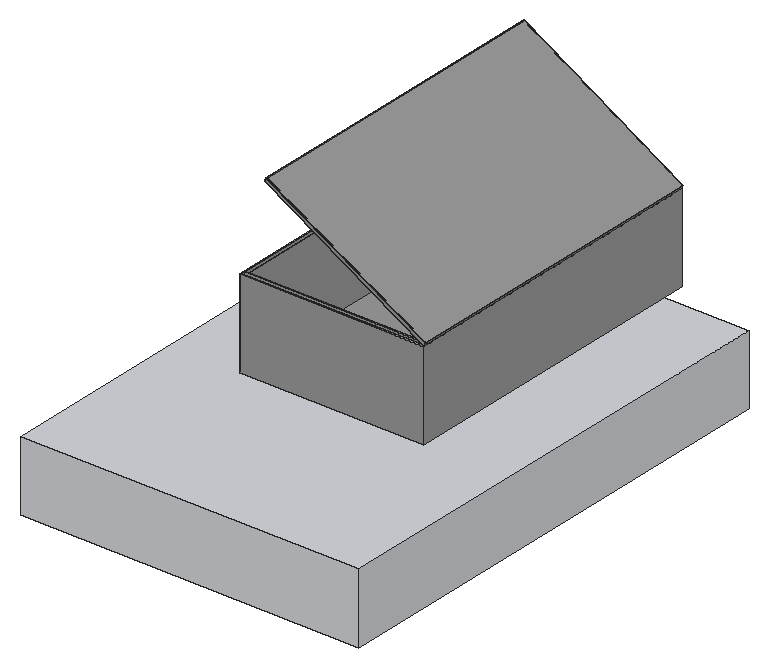
Revit family "Hager-Univers-IP55-D400-H1400-Cl.I-Steel_encl-PT-pt", category Equipement électrique, Revit 2020
Family settings
  Hôte = Face
  Configuration du panneau = Deux colonnes, circuits au sein
  Cote de connecteur circulaire = Utiliser le diamètre
  Type d'élément = Tableau de raccordement
  Couper avec des vides une fois chargée = Non
  Partagée = Non
  Point de calcul de pièce = Non
Parameters (values of type "Montagem em superfície (gesso) IP55 L800 A1400 P400  - FR93G")
  Width Control [instance] = if([EF000008 - Largura] > Min Width, [EF000008 - Largura], Min Width)  # 800 mm
  Commentaires du type = [HG000003 - Gama]  # "Univers"
  Thickness Door [instance] = if([EF009171 - Espessura do material da porta/tampa] > 3 mm, 3 mm, [EF009171 - Espessura do material da porta/tampa])  # 1.5 mm
  Seal Frame Offset [instance] = 17 mm  # constant formula
  Plinth Visibility [instance] = [HG000027 - Altura da Plinta] > 0 mm  # no
  Model = ""
  Min Width [instance] = 100 mm  # constant formula
  Min Height [instance] = 100 mm  # constant formula
  Min Depth [instance] = (2 * [EF009170 - Espessura do material do invólucro]) + 1 mm  # 4 mm
  Internal Frame Depth [instance] = (Door System Depth * 0.5)  # 9 mm
  Height Control [instance] = if([EF000040 - Altura] > Min Height, [EF000040 - Altura], Min Height)  # 1400 mm
  HG000027 - Altura da Plinta = 0 mm
  HG000026 - Instalação no chão = no
  HG000024 - Altura da secção inferior = 800 mm
  HG000023 - Recinto de secção dupla = no
  HG000016 - Visibilidade da porta 3D [instance] = yes
  HG000015 - Visibilidade através da porta [instance] = no
  HG000014 - Porta à direita [instance] = yes
  HG000013 - Porta à esquerda [instance] = not([HG000014 - Porta à direita])  # no
  HG000012 - Ângulo de abertura de porta [instance] = 30.00°
  HG000010 - Portas assimétricas = no
  HG000009 - Porta dupla = no
  HG000006 - Encastrado = no
  HG000004 - Referência do Fabricante = "FR93G"
  HG000003 - Gama = "Univers"
  HG000002 - Com porta ou tampa = yes
  Frame Offset Bottom [instance] = 10 mm  # constant formula
  Frame Offset [instance] = 15 mm  # constant formula
  EF015940 - Tampa com libertação de sobrepressão = no
  EF011959 - Grau de proteção (NEMA) = ""
  EF009554 - Número de aberturas para placas de flange = 6
  Fabricant = "Hager"  # constant formula
  EF009212 - Tipo de tampa = "EV000116 - Fechado"
  EF009171 - Espessura do material da porta/tampa = 1.5 mm
  EF009170 - Espessura do material do invólucro = 1.5 mm
  EF008873 - Corrente nominal (In) = 800 A
  EF007800 - Adequado para proteção contra raios = no
  EF006306 - Com fecho = no
  EF006244 - Tampa/porta transparente = no
  EF005474 - Grau de proteção (IP) = "EV006420 - IP55"
  EF004464 - Tipo de porta = "EV002646 - Único"
  EF004427 - Número de módulos = 324
  EF004293 - Força de impacto = "EV008784 - IK10"
  EF003532 - Adequado para uso no exterior = no
  EF002950 - Largura em número de módulos = 24
  EF001613 - Integridade do circuito = "EV000494 - Nenhum"
  EF001596 - Material do corpo = "EV000179 - Aço"
  EF001131 - Profundidade interior = 400 mm
  EF001088 - Extensão possível = yes
  EF000437 - Número de entradas de condutores = 6
  EF000339 - Tipo de difusor = "EV004216 - Porta"
  EF000266 - Número de linhas = 9
  EF000218 - Profundidade incorporada = 0 mm
  EF000118 - Com tampa de montagem = no
  EF000116 - Número RAL = "7035"
  EF000049 - Profundidade = 400 mm
  EF000040 - Altura = 1400 mm
  EF000008 - Largura = 800 mm
  EF000007 - Cor = "EV000270 - Cinzento"
  EF000003 - Método de montagem = "EV000384 - Montagem em superfície (gesso)"
  Door System Leaf Tolerance [instance] = 1.5 mm  # constant formula
  Door System Depth [instance] = 18 mm  # constant formula
  Door Height [instance] = Height Control - [HG000027 - Altura da Plinta]  # 1400 mm
  Depth Control [instance] = if([EF000049 - Profundidade] > Min Depth, [EF000049 - Profundidade], Min Depth)  # 400 mm
  Default Elevation = 0 mm
  Connector Offset [instance] = Height Control / 2  # 700 mm
  Bottom Top Plate Trim [instance] = 1.5 mm  # constant formula
  Plinth height Ctrl [instance] = if([HG000027 - Altura da Plinta] > 0 mm, [HG000027 - Altura da Plinta], 12 mm)  # 12 mm
Types (3, lengths in mm): name | Width Control | HG000009 - Porta dupla | HG000004 - Referência do Fabricante | EF009554 - Número de aberturas para placas de flange | EF004464 - Tipo de porta | EF004427 - Número de módulos | EF000437 - Número de entradas de condutores | EF000008 - Largura
  Montagem em superfície (gesso) IP55 L1050 A1400 P400  - FR94G | 1050 | yes | "FR94G" | 8 | "EV003602 - Duplo" | 432 | 8 | 1050
  Montagem em superfície (gesso) IP55 L550 A1400 P400  - FR92G | 550 | no | "FR92G" | 4 | "EV002646 - Único" | 216 | 4 | 550
  Montagem em superfície (gesso) IP55 L800 A1400 P400  - FR93G | 800 | no | "FR93G" | 6 | "EV002646 - Único" | 324 | 6 | 800
Reference planes
  plane 1 "Center (Front/Back)": y = 0
  plane 2: z = 0
  plane 3 "Center (Left/Right)": x = 0
  plane 4: z = 400
  plane 5: y = 1.5
  plane 6: y = 700
  plane 7: y = 0
  plane 8: y = 1400
  plane 9: z = 0
  plane 10: x = -385
  plane 11: x = 385
  plane 12: x = 383.5
  plane 13: x = -383.5
  plane 14: y = 1398.5
  plane 15: x = -383
  plane 16: x = -400
  plane 17: x = 383
  plane 18: x = 400
  plane 19: x = 398.5
  plane 20: x = -398.5
  plane 21: y = 11.5
  plane 22: y = 1400
  plane 23: y = 1383.5
  plane 24: z = 382
  plane 25: z = 1.5
  plane 26: z = 380.5
  plane 27: z = 398.5
Forms (mm)
  Extrusion 1, solid
    sketch origin (0, 0, 0) x (1, 0, 0) y (0, 1, 0)
      loop
        line (-702.964, 1305) -> (-702.964, -811.445) -> (766.763, -811.445) -> (766.763, 1305) -> (-702.964, 1305)
    from 0 to -304.8
  Extrusion 2, solid, material "Hager_Steel_RAL7035_Light_Grey", visible <- "Plinth Visibility", detail levels medium+fine
    sketch origin (0, 0, 0) x (1, 0, 0) y (0, 1, 0)
      loop
        line (-400, 0) -> (400, 0) -> (400, 12) -> (-400, 12) -> (-400, 0)
    from 0 to 382
  Extrusion 3, solid, material "Hager_Steel_RAL7035_Light_Grey", detail levels medium+fine
    sketch origin (0, 0, 0) x (1, 0, 0) y (0, 1, 0)
      loop
        line (-400, 0) -> (400, 0) -> (400, 1400) -> (-400, 1400) -> (-400, 0)
    from 0 to 382
  Extrusion 4, void
    sketch origin (0, 0, 0) x (1, 0, 0) y (0, 1, 0)
      loop
        line (-398.5, 1.5) -> (398.5, 1.5) -> (398.5, 1398.5) -> (-398.5, 1398.5) -> (-398.5, 1.5)
    from 1.5 to 380.5
  Extrusion 5, void
    sketch origin (-381.607, -4572, 382) x (0, -1, 0) y (-1, 0, 0)
      loop
        line (-4583.5, 1.893) -> (-5955.5, 1.893) -> (-5955.5, -765.107) -> (-4583.5, -765.107) -> (-4583.5, 1.893)
    from 0 to 1.5 <- "EF009170 - Espessura do material do invólucro"
  Extrusion 6, solid, material "Hager_Steel_RAL7035_Light_Grey", detail levels fine
    sketch origin (0, 0, 382) x (1, 0, 0) y (0, 1, 0)
      loop
        line (-383.5, 1383.5) -> (-383.5, 11.5) -> (383.5, 11.5) -> (383.5, 1383.5) -> (-383.5, 1383.5)
      loop
        line (-385, 10) -> (385, 10) -> (385, 1385) -> (-385, 1385) -> (-385, 10)
    from 0 to 9 <- "Internal Frame Depth"
  Extrusion 7, solid, material "Hager_Steel_RAL7035_Light_Grey", detail levels coarse
    sketch origin (0, 0, 0) x (1, 0, 0) y (0, 1, 0)
      loop
        line (-400, 0) -> (400, 0) -> (400, 1400) -> (-400, 1400) -> (-400, 0)
    from 0 to 400
  Sweep 8, void
    path in 3D
      loop
        line (-400, 12, 0) -> (400, 12, 0) -> (400, 12, 382) -> (-400, 12, 382) -> (-400, 12, 0)
    profile origin (-400, 12, 191) x (-1, 0, 0) y (0, -1, 0)
      loop
        line (0, 0) -> (0, 1.5) -> (-1.5, 1.5)
        arc (-1.5, 1.5) -> (-1.061, 0.439) -> (0, 0) r 1.5
Cuts and joins
  Extrusion 4, Extrusion 5 cuts Extrusion 3
  Sweep 8 cuts Extrusion 2
Lines and regions (mm)
  Masking region 1
    outline origin (0, 0, 0) x (1, 0, 0) y (0, 0, 1)
      loop
        line (-400, 400) -> (-400, 0) -> (400, 0) -> (400, 400) -> (-400, 400)
  Masking region 2, detail levels medium+fine
    outline origin (0, 140, 0) x (0, 1, 0) y (0, 0, 1)
      loop
        line (-140, 0) -> (1260, 0) -> (1260, 382) -> (-140, 382) -> (-140, 0)
  Masking region 3, not visible, detail levels medium+fine
    outline origin (0, 297.922, 0) x (0, 1, 0) y (0, 0, 1)
      loop
        line (413.578, 0) -> (453.578, 0) -> (453.578, 388.5)
        arc (453.578, 388.5) -> (450.649, 395.571) -> (443.578, 398.5) r 10
        line (443.578, 398.5) -> (413.578, 398.5) -> (413.578, 0)
  Masking region 4, detail levels coarse
    outline origin (0, 0, 180) x (0, 1, 0) y (0, 0, 1)
      loop
        line (0, -180) -> (1400, -180) -> (1400, 220) -> (0, 220) -> (0, -180)
  Masking region 5, visible <- "Plinth Visibility", detail levels medium+fine
    outline origin (0, 52.24, 12.345) x (0, 0, -1) y (0, 1, 0)
      loop
        line (10.845, -40.24) -> (-368.155, -40.24)
        arc (-368.155, -40.24) -> (-368.594, -41.301) -> (-369.655, -41.74) r 1.5
        line (-369.655, -41.74) -> (-369.655, -52.24) -> (12.345, -52.24) -> (12.345, -41.74)
        arc (12.345, -41.74) -> (11.285, -41.301) -> (10.845, -40.24) r 1.5
  Masking region 6, detail levels medium+fine
    outline origin (-381.607, -4572, 382) x (-1, 0, 0) y (0, -1, 0)
      loop
        line (18.393, -5972) -> (18.393, -4572) -> (-781.607, -4572) -> (-781.607, -5972) -> (18.393, -5972)
  Masking region 7, visible <- "Plinth Visibility", detail levels medium+fine
    outline origin (-381.607, -4727, 382) x (-1, 0, 0) y (0, -1, 0)
      loop
        arc (16.893, -4739) -> (17.332, -4737.939) -> (18.393, -4737.5) r 1.5
        line (18.393, -4737.5) -> (18.393, -4727) -> (-781.607, -4727) -> (-781.607, -4737.5)
        arc (-781.607, -4737.5) -> (-780.546, -4737.939) -> (-780.107, -4739) r 1.5
        line (-780.107, -4739) -> (16.893, -4739)
  Masking region 8, detail levels coarse
    outline origin (-442.548, -4669.526, 382) x (-1, 0, 0) y (0, -1, 0)
      loop
        line (-42.548, -6069.526) -> (-42.548, -4669.526) -> (-842.548, -4669.526) -> (-842.548, -6069.526) -> (-42.548, -6069.526)
  sketch lines
    curve 1: line (-400, 12, 382) -> (-400, 12, 0)
    curve 2: line (400, 12, 382) -> (-400, 12, 382)
    curve 3: line (400, 12, 382) -> (400, 12, 0)
    curve 4: line (-400, 12, 0) -> (400, 12, 0)
Dimensions and locks
  "Depth Control": plane 4 to Extrusion 1
  "HG000027 - Altura da Plinta": plane 1 "Center (Front/Back)" to plane 7
  "EF009170 - Espessura do material do invólucro": plane 5 to plane 7
  locked: connector elem to plane 3 "Center (Left/Right)"
  equal spacing: plane 8, plane 6, plane 7
  locked: connector elem to plane 6
  "EF009170 - Espessura do material do invólucro": plane 8 to plane 14
  "EF009170 - Espessura do material do invólucro": plane 10 to plane 13
  "EF009170 - Espessura do material do invólucro": plane 12 to plane 11
  "Frame Offset": plane 20 to plane 13
  "Frame Offset": plane 12 to plane 19
  "EF009170 - Espessura do material do invólucro": plane 16 to plane 20
  "EF009170 - Espessura do material do invólucro": plane 19 to plane 18
  "Seal Frame Offset": plane 16 to plane 15
  "Seal Frame Offset": plane 17 to plane 18
  "Frame Offset Bottom": plane 21 to plane 5
  "Frame Offset": plane 14 to plane 23
  equal spacing: plane 16, plane 3 "Center (Left/Right)", plane 18
  "Width Control": plane 16 to plane 18
  "EF009170 - Espessura do material do invólucro": plane 4 to plane 27
  "EF009170 - Espessura do material do invólucro": plane 24 to plane 26
  "EF009170 - Espessura do material do invólucro": plane 25 to level
  "Door System Depth": plane 4 to plane 24
  "Height Control": plane 1 "Center (Front/Back)" to Extrusion 7 sketch curve
  "Height Control": Masking region 4 sketch curve to plane 1 "Center (Front/Back)"
  "Height Control": plane 1 "Center (Front/Back)" to plane 22
  "Bottom Top Plate Trim": profile plane to Sweep 8 sketch curve
  "Bottom Top Plate Trim": Sweep 8 sketch curve to profile plane
  "Plinth height Ctrl": plane 1 "Center (Front/Back)" to Extrusion 2 sketch curve
  "Plinth height Ctrl": Masking region 5 sketch curve to plane 1 "Center (Front/Back)"
  "Plinth height Ctrl": plane 1 "Center (Front/Back)" to Masking region 7 sketch curve
  "Thickness Door": Extrusion 6 sketch curve to Extrusion 6 sketch curve  (x3)
  "Thickness Door": cut or joined group of Extrusion 3, Extrusion 4, Extrusion 5 to Extrusion 6 sketch curve
  radius of Masking region 3 sketch curve = 10 mm
  "Bottom Top Plate Trim": radius of Masking region 5 sketch curve  (x2)
  "Bottom Top Plate Trim": radius of Sweep 8 sketch curve
  "Bottom Top Plate Trim": radius of Masking region 7 sketch curve  (x2)
  aligned and locked: plane 2 to Extrusion 1
  aligned and locked: level to Extrusion 1
  aligned and locked: level to Masking region 1 sketch curve
  aligned and locked: Masking region 1 sketch curve to plane 18
  aligned and locked: Masking region 1 sketch curve to plane 16
  aligned and locked: plane 7 to Masking region 2 sketch curve
  aligned and locked: level to Masking region 3 sketch curve
  aligned and locked: Masking region 3 sketch curve to plane 27
  aligned and locked: level to Masking region 2 sketch curve
  aligned and locked: plane 1 "Center (Front/Back)" to Extrusion 2 sketch curve
  aligned and locked: Extrusion 3 sketch curve to plane 7
  aligned and locked: plane 16 to Extrusion 3 sketch curve
  aligned and locked: plane 18 to Extrusion 3 sketch curve
  aligned and locked: plane 20 to Extrusion 4 sketch curve
  aligned and locked: plane 19 to Extrusion 4 sketch curve
  aligned and locked: Extrusion 4 sketch curve to plane 5
  aligned and locked: Extrusion 4 to plane 25
  aligned and locked: plane 26 to Extrusion 4
  aligned and locked: plane 24 to Extrusion 3
  aligned and locked: Extrusion 5 sketch curve to plane 21
  aligned and locked: Extrusion 5 sketch curve to plane 13
  aligned and locked: Extrusion 5 sketch curve to plane 12
  aligned and locked: plane 18 to Extrusion 7 sketch curve
  aligned and locked: plane 1 "Center (Front/Back)" to Extrusion 7 sketch curve
  aligned and locked: plane 16 to Extrusion 7 sketch curve
  aligned and locked: plane 4 to Extrusion 7
  aligned and locked: Extrusion 7 to level
  aligned and locked: level to Masking region 4 sketch curve
  aligned and locked: Masking region 4 sketch curve to plane 1 "Center (Front/Back)"
  aligned and locked: Masking region 4 sketch curve to plane 4
  aligned and locked: nested 1 to level
  aligned and locked: nested 1 to plane 16
  aligned and locked: plane 8 to Extrusion 3 sketch curve
  aligned and locked: plane 23 to Extrusion 5 sketch curve
  aligned and locked: plane 14 to Extrusion 4 sketch curve
  aligned and locked: Masking region 2 sketch curve to plane 8
  aligned and locked: level to Masking region 5 sketch curve
  aligned and locked: plane 16 to Extrusion 2 sketch curve
  aligned and locked: plane 18 to Extrusion 2 sketch curve
  aligned and locked: Masking region 5 sketch curve to plane 24
  aligned and locked: Masking region 2 sketch curve to plane 24
  aligned and locked: plane 24 to Extrusion 2
  aligned and locked: profile plane to Sweep 8 sketch curve  (x2)
  aligned and locked: Masking region 6 sketch curve to plane 18
  aligned and locked: Masking region 6 sketch curve to plane 22
  aligned and locked: Masking region 6 sketch curve to plane 16
  aligned and locked: plane 8 to plane 22
  aligned and locked: Masking region 6 sketch curve to plane 7
  aligned and locked: Masking region 7 sketch curve to plane 16
  aligned and locked: Masking region 7 sketch curve to plane 1 "Center (Front/Back)"
  aligned and locked: Masking region 7 sketch curve to plane 18
  aligned and locked: Masking region 8 sketch curve to plane 1 "Center (Front/Back)"
  aligned and locked: Masking region 8 sketch curve to plane 18
  aligned and locked: Masking region 8 sketch curve to plane 22
  aligned and locked: Masking region 8 sketch curve to plane 16
  aligned and locked: nested 2 to plane 7
  aligned and locked: plane 3 "Center (Left/Right)" to nested 2
  aligned and locked: nested 2 to plane 24
  aligned and locked: Extrusion 6 sketch curve to cut or joined group of Extrusion 3, Extrusion 4, Extrusion 5  (x4)
Automatic sketch dimensions
  Extrusion 1 sketch curve to Extrusion 1 sketch curve = 1469.727 mm
  Extrusion 1 sketch curve to Extrusion 1 sketch curve = 2116.445 mm
  Masking region 1 sketch curve to plane 4 = 0 mm
  plane 6 to Masking region 3 sketch curve = 11.5 mm
  Masking region 3 sketch curve to Masking region 3 sketch curve = 30 mm
  Masking region 5 sketch curve to plane 1 "Center (Front/Back)" = 0 mm
Nested families
  nested 1: "Hager_Enclosure_Symbol" at (-400, 0, 0) x (1, 0, 0) z (0, -1, 0), Height <- "Depth Control", Width <- "Width Control", type "Hager_Enclosure_Symbol"
    with Width_Ctrl 800 mm, Width 800 mm, Height_Ctrl 400 mm, Height 400 mm, A_Width_Int 26.25 mm, A_Width 315 mm, A_Height_Ctrl 350 mm, A_Height 350 mm
  nested 2: "EC000058_Univers_Door" at (0, 0, 382) x (1, 0, 0) z (0, 1, 0), Leaf_Tolerance <- "Door System Leaf Tolerance", Angle <- "HG000012 - Ângulo de abertura de porta", Door_Depth <- "Door System Depth", Door_Left <- "HG000013 - Porta à esquerda", Transparent <- "EF006244 - Tampa/porta transparente", Assymetrical <- "HG000010 - Portas assimétricas", Width <- "Width Control", Clearance <- "HG000015 - Visibilidade através da porta", Double <- "HG000009 - Porta dupla", 3d_Door <- "HG000016 - Visibilidade da porta 3D", Lock_Visibility <- "EF006306 - Com fecho", Width_Ctrl <- "Width Control", Door_Right <- "HG000014 - Porta à direita", Door <- "HG000002 - Com porta ou tampa", Height <- "Door Height", Thickness <- "Thickness Door", type "EC000058_Univers_Door", detail levels medium+fine
    with min_wh 4 mm, Width_Ctrl 800 mm, Width 800 mm, Transparent no, Thickness 1.5 mm, Seal_Material Hager_Rubber, Lock_Visibility no, Lock_Material Hager_Plastic_RAL9005_Jet_Black, Leaf_Width 800 mm, Leaf_Tolerance_External_Sides 0 mm, Leaf_Tolerance 1.5 mm, Leaf_Offset 0 mm, Leaf_Height 1397 mm, Leaf_2_Width 800 mm, Leaf_2_Offset 400 mm, Leaf_1_Width 800 mm, Leaf_1_Offset 400 mm, Height_Ctrl 1400 mm, Height 1400 mm, Glass_Material Hager_Glass, Double_Clearance_Ctrl no, Double no, Door_Right_Ctrl yes, Door_Right yes, Door_Material Hager_Steel_RAL7035_Light_Grey, Door_Left_Ctrl no, Door_Left no, Door_Depth 18 mm, Door yes, Clearance_Material Hager_Clearance, Clearance_Depth 800 mm, Clearance_Ctrl no, Clearance no, Assymetrical no, Angle 30.00°, 3d_Door yes
Connectors
  electrical at (0, 700, 0)
    settings: on plane 9, index 1, voltage 0 V, apparent load 0 VA, apparent load phase1 0 VA, apparent load phase2 0 VA, apparent load phase3 0 VA, power factor 1, load classification "Other", number of poles 1, system type 30, power factor state 1, is connector primary yes, connector utility no, sub classification motor no, connector description ""
Definition of nested family "EC000058_Univers_Door"
  Parameters (values of type "EC000058_Univers_Door")
    min_wh [instance] = (2 * Thickness) + 1 mm  # 11 mm
    Width_Ctrl [instance] = 400 mm
    Width [instance] = 500 mm
    Transparent [instance] = yes
    Thickness [instance] = 5 mm
    Seal_Material [instance] = none
    Lock_Visibility [instance] = yes
    Lock_Material [instance] = none
    Leaf_Width [instance] = if((Width_Ctrl - 2 * Leaf_Tolerance_External_Sides) > 0 mm, (Width_Ctrl - 2 * Leaf_Tolerance_External_Sides), min_wh)  # 400 mm
    Leaf_Tolerance_External_Sides [instance] = 0 mm  # constant formula
    Leaf_Tolerance [instance] = 1.5 mm
    Leaf_Offset [instance] = 0 mm  # constant formula
    Leaf_Height [instance] = if((Height_Ctrl - 2 * Leaf_Tolerance) > 0 mm, (Height_Ctrl - 2 * Leaf_Tolerance), min_wh)  # 497 mm
    Leaf_2_Width [instance] = if(and(and(Double, Assymetrical), Door_Left), (Leaf_Width / 3) - (Leaf_Tolerance / 2), if(and(and(Double, Assymetrical), Door_Right), (Leaf_Width / 3) * 2 - (Leaf_Tolerance / 2), if(and(Double, not(Assymetrical)), (Leaf_Width / 2) - Leaf_Tolerance, Leaf_Width)))  # 400 mm
    Leaf_2_Offset [instance] = if(and(Double, Assymetrical), Leaf_2_Width / 2, if(and(Double, not(Assymetrical)), Leaf_Width / 4, Leaf_Width / 2))  # 200 mm
    Leaf_1_Width [instance] = if(and(and(Double, Assymetrical), Door_Right), (Leaf_Width / 3) - (Leaf_Tolerance / 2), if(and(and(Double, Assymetrical), Door_Left), (Width / 3) * 2 - (Leaf_Tolerance / 2), if(and(Double, not(Assymetrical)), (Leaf_Width / 2) - Leaf_Tolerance, Leaf_Width)))  # 400 mm
    Leaf_1_Offset [instance] = if(and(Double, Assymetrical), Leaf_1_Width / 2, if(and(Double, not(Assymetrical)), Leaf_Width / 4, Leaf_Width / 2))  # 200 mm
    Height_Ctrl [instance] = if(Height > min_wh, Height, min_wh)  # 500 mm
    Height [instance] = 500 mm
    Glass_Material [instance] = none
    Double_Clearance_Ctrl [instance] = and(Double, Clearance)  # no
    Double [instance] = no
    Door_Right_Ctrl [instance] = and(or(Door_Right, Double), Door)  # yes
    Door_Right [instance] = yes
    Door_Material [instance] = none
    Door_Left_Ctrl [instance] = and(or(Door_Left, Double), Door)  # no
    Door_Left [instance] = no
    Door_Depth [instance] = 30 mm
    Door [instance] = yes
    Default Elevation = 1219.2 mm
    Clearance_Material [instance] = none
    Clearance_Depth [instance] = if(Leaf_1_Width > Leaf_2_Width, Leaf_1_Width, Leaf_2_Width)  # 400 mm
    Clearance_Ctrl [instance] = and(not(Double), Clearance)  # yes
    Clearance [instance] = yes
    Assymetrical [instance] = yes
    Angle [instance] = 30.00°
    3d_Door [instance] = yes
  Reference planes
    plane 1 "Center (Front/Back)": y = 0
    plane 2 "Bottom": z = 0
    plane 3 "Center (Left/Right)": x = 0
    plane 4: z = 500
    plane 5: x = -200
    plane 6: x = 200
    plane 7: z = 500
    plane 8: x = -200
    plane 9: z = 0
    plane 10: x = 200
    plane 11: y = 0
    plane 12: z = 1.5
    plane 13: x = -600
    plane 14: y = -400
    plane 15: x = 600
    plane 16: x = 0
    plane 17: x = 0
    plane 18: x = -200
    plane 19: x = 200
    plane 20: z = 498.5
  Forms (mm)
    Extrusion 1, solid, material <- "Clearance_Material", visible <- "Double_Clearance_Ctrl"
      sketch origin (1200, 0, 0) x (1, 0, 0) y (0, 0, -1)
        loop
          line (-1800, -498.5) -> (-600, -498.5) -> (-600, 0) -> (-1800, 0) -> (-1800, -498.5)
      from 0 to -400
  Dimensions and locks
    equal spacing: plane 5, plane 3 "Center (Left/Right)", plane 6
    "Width_Ctrl": plane 5 to plane 6
    "Leaf_Offset": plane 5 to plane 8
    "Leaf_Offset": plane 6 to plane 10
    "Leaf_Offset": plane 9 to level
    "Leaf_Offset": plane 4 to plane 7
    "Height_Ctrl": plane 4 to level
    "Leaf_Tolerance": plane 12 to plane 9
    locked: plane 11 to plane 1 "Center (Front/Back)"
    "Leaf_1_Offset": plane 18 to plane 16
    "Leaf_2_Offset": plane 17 to plane 19
    "Leaf_1_Width": plane 13 to plane 8
    "Leaf_2_Width": plane 10 to plane 15
    "Clearance_Depth": plane 14 to plane 1 "Center (Front/Back)"
    "Leaf_Tolerance_External_Sides": plane 8 to plane 18
    "Leaf_Tolerance_External_Sides": plane 19 to plane 10
    "Leaf_Tolerance": plane 7 to plane 20
    aligned and locked: level to plane 2 "Bottom"
    aligned and locked: nested 1 to plane 16
    aligned and locked: nested 2 to plane 17
    aligned and locked: Extrusion 1 to plane 13
    aligned and locked: plane 15 to Extrusion 1
    aligned and locked: Extrusion 1 to plane 14
    aligned and locked: plane 12 to nested 1
    aligned and locked: nested 2 to plane 12
    aligned and locked: Extrusion 1 to plane 11
    aligned and locked: plane 20 to Extrusion 1
    aligned and locked: nested 2 to plane 11
    aligned and locked: nested 1 to plane 11
  Automatic sketch dimensions
    Extrusion 1 sketch curve to level = 0 mm
    plane 5 to Extrusion 1 sketch curve = 400 mm
    plane 6 to Extrusion 1 sketch curve = 400 mm
    Extrusion 1 sketch curve to plane 4 = 1.5 mm
  Nested families
    nested 1: "EC000058_Univers_Door_Leaf" at (0, 0, 1.5), Width <- "Leaf_1_Width", visible <- "Door_Left_Ctrl", Leaf_Height <- "Leaf_Height", Angle <- "Angle", 3d_Door <- "3d_Door", Transparent <- "Transparent", Clearance Material <- "Clearance_Material", Clearance <- "Clearance_Ctrl", Door_Material <- "Door_Material", Glass_Material <- "Glass_Material", Door_Depth <- "Door_Depth", Lock_Material <- "Lock_Material", Seal_Material <- "Seal_Material", Lock_Visibility <- "Lock_Visibility", Thickness <- "Thickness", type "EC000058_Univers_Door_Leaf"
      with Width 400 mm, Transparent_Glass_Offset 30 mm, Transparent_Ctrl yes, Transparent yes, Thickness 5 mm, Standard no, Seal_Material none, Seal_D2 8 mm, Seal_D1 1 mm, Offset_Internal_Frame 10 mm, Lock_Width 20 mm, Lock_Visibility_3d yes, Lock_Visibility yes, Lock_Thickness_3 3 mm, Lock_Thickness_2 1 mm, Lock_Thickness_1 3 mm, Lock_Radius_Offset_2 16 mm, Lock_Radius_Offset_1 15 mm, Lock_Radius_2 5 mm, Lock_Radius 6 mm, Lock_Offset 5 mm, Lock_Material none, Lock_Height 80 mm, Lock_Cover_Top_Offset_2d 17 mm, Lock_Cover_Height -65 mm, Leaf_Height 497 mm, Internal_Seal_Thickness 8 mm, Internal_Seal_Depth_2 4.5 mm, Internal_Frame_Depth 25 mm, Glass_Thickness -1 mm, Glass_Offset -2 mm, Glass_Material none, Door_Material none, Door_Depth 30 mm, Clearance Material none, Clearance yes, Angle_Ctrl 30.00°, Angle 30.00°, 3d_Door yes
    nested 2: "EC000058_Univers_Door_Leaf" at (0, 0, 1.5) x (-1, 0, 0) z (0, 0, 1), Width <- "Leaf_2_Width", visible <- "Door_Right_Ctrl", Leaf_Height <- "Leaf_Height", Angle <- "Angle", 3d_Door <- "3d_Door", Transparent <- "Transparent", Clearance Material <- "Clearance_Material", Clearance <- "Clearance_Ctrl", Door_Material <- "Door_Material", Glass_Material <- "Glass_Material", Door_Depth <- "Door_Depth", Lock_Material <- "Lock_Material", Seal_Material <- "Seal_Material", Lock_Visibility <- "Lock_Visibility", Thickness <- "Thickness", type "EC000058_Univers_Door_Leaf"
      with Width 400 mm, Transparent_Glass_Offset 30 mm, Transparent_Ctrl yes, Transparent yes, Thickness 5 mm, Standard no, Seal_Material none, Seal_D2 8 mm, Seal_D1 1 mm, Offset_Internal_Frame 10 mm, Lock_Width 20 mm, Lock_Visibility_3d yes, Lock_Visibility yes, Lock_Thickness_3 3 mm, Lock_Thickness_2 1 mm, Lock_Thickness_1 3 mm, Lock_Radius_Offset_2 16 mm, Lock_Radius_Offset_1 15 mm, Lock_Radius_2 5 mm, Lock_Radius 6 mm, Lock_Offset 5 mm, Lock_Material none, Lock_Height 80 mm, Lock_Cover_Top_Offset_2d 17 mm, Lock_Cover_Height -65 mm, Leaf_Height 497 mm, Internal_Seal_Thickness 8 mm, Internal_Seal_Depth_2 4.5 mm, Internal_Frame_Depth 25 mm, Glass_Thickness -1 mm, Glass_Offset -2 mm, Glass_Material none, Door_Material none, Door_Depth 30 mm, Clearance Material none, Clearance yes, Angle_Ctrl 30.00°, Angle 30.00°, 3d_Door yes
  Definition of nested family "EC000058_Univers_Door_Leaf"
    Parameters (values of type "EC000058_Univers_Door_Leaf")
      Width [instance] = 2000 mm
      Transparent_Glass_Offset [instance] = 30 mm
      Transparent_Ctrl [instance] = and(Transparent, [3d_Door])  # yes
      Transparent [instance] = yes
      Thickness [instance] = 5 mm
      Standard [instance] = and(not(Transparent), [3d_Door])  # no
      Seal_Material [instance] = none
      Seal_D2 [instance] = 8 mm  # constant formula
      Seal_D1 [instance] = 1 mm  # constant formula
      Offset_Internal_Frame [instance] = 10 mm  # constant formula
      Lock_Width [instance] = 20 mm  # constant formula
      Lock_Visibility_3d [instance] = and(Lock_Visibility, [3d_Door])  # yes
      Lock_Visibility [instance] = yes
      Lock_Thickness_3 [instance] = 3 mm  # constant formula
      Lock_Thickness_2 [instance] = 1 mm  # constant formula
      Lock_Thickness_1 [instance] = 3 mm  # constant formula
      Lock_Radius_Offset_2 [instance] = Lock_Radius_Offset_1 + 1 mm  # 16 mm
      Lock_Radius_Offset_1 [instance] = 15 mm  # constant formula
      Lock_Radius_2 [instance] = Lock_Radius - 1 mm  # 5 mm
      Lock_Radius [instance] = 6 mm  # constant formula
      Lock_Offset [instance] = 5 mm  # constant formula
      Lock_Material [instance] = none
      Lock_Height [instance] = 80 mm  # constant formula
      Lock_Cover_Top_Offset_2d [instance] = Lock_Radius_Offset_2 + 1 mm  # 17 mm
      Lock_Cover_Height [instance] = -(Lock_Height - Lock_Radius_Offset_1)  # -65 mm
      Leaf_Height [instance] = 2720.336 mm
      Internal_Seal_Thickness [instance] = 8 mm  # constant formula
      Internal_Seal_Depth_2 [instance] = 4.5 mm  # constant formula
      Internal_Frame_Depth [instance] = if(Door_Depth - Thickness > 5 mm, Door_Depth - Thickness, 5 mm)  # 25 mm
      Glass_Thickness [instance] = if(Thickness > 15 mm, Glass_Offset + 10 mm, -1 mm)  # -1 mm
      Glass_Offset [instance] = if(Thickness > 15 mm, -(Thickness + 10 mm) / 2, -2 mm)  # -2 mm
      Glass_Material [instance] = none
      Door_Material [instance] = none
      Door_Depth [instance] = 30 mm
      Default Elevation = 0 mm
      Clearance Material [instance] = none
      Clearance [instance] = yes
      Angle_Ctrl [instance] = if(Angle > 180.00°, 180.00°, Angle)  # 90.00°
      Angle [instance] = 90.00°
      3d_Door [instance] = yes
    Reference planes
      plane 1 "Center (Front/Back)": y = 0
      plane 2: z = 0
      plane 3 "Center (Left/Right)": x = 0
      plane 4: y = 2000
      plane 5: x = -1000
      plane 6: x = 1000
      plane 7: x = -3000
      plane 8: z = 2720.336
      plane 9: z = 30
      plane 10: z = 2690.336
      plane 11: x = 970
      plane 12: x = -970
      plane 13: y = -3
      plane 14: z = 107.833
      plane 15: y = -5
      plane 16: y = -223.314
      plane 17: x = -1000
      plane 18: z = 1360.168
      plane 19: y = 30
    Forms (mm)
      Extrusion 1, solid, material <- "Clearance Material", visible <- "Clearance"
        sketch origin (0, 0, 0) x (1, 0, 0) y (0, 0, 1)
          loop
            line (-3000, 2720.336) -> (-3000, 0) -> (1000, 0) -> (1000, 2720.336) -> (-3000, 2720.336)
        from 0 to -2000
      Extrusion 2, solid, material <- "Door_Material", visible <- "Standard", detail levels medium+fine
        sketch origin (-1000, 0, 0) x (0, 1, 0) y (-1, 0, 0)
          loop
            line (0, 30) -> (0, 25) -> (2000, 25) -> (2000, 30) -> (0, 30)
        from 0 to 2720.336 <- "Leaf_Height"
      Extrusion 3, solid, material <- "Door_Material", visible <- "Transparent_Ctrl", detail levels medium+fine
        sketch origin (-1000, 0, 0) x (0, 1, 0) y (-1, 0, 0)
          loop
            line (0, 25) -> (2000, 25) -> (2000, 30) -> (0, 30) -> (0, 25)
        from 0 to 2720.336 <- "Leaf_Height"
      Extrusion 4, void
        sketch origin (-1025, 2000, 0) x (0, 1, 0) y (0, 0, -1)
          loop
            line (-30, -2690.336) -> (-30, -30) -> (-1970, -30) -> (-1970, -2690.336) -> (-30, -2690.336)
        from 0 to 5 <- "Thickness"
      Sweep 5, solid, material <- "Seal_Material", visible <- "Transparent_Ctrl", detail levels fine
        path in 3D
          loop
            line (-1025, 30, 30) -> (-1025, 30, 2690.336) -> (-1025, 1970, 2690.336) -> (-1025, 1970, 30) -> (-1025, 30, 30)
        profile origin (-1025, 1000, 30) x (1, 0, 0) y (0, 0, 1)
          loop
            line (0, 0) -> (0, -8) -> (1, -8) -> (1, 0) -> (0, 0)
      Extrusion 6, solid, material <- "Glass_Material", visible <- "Transparent_Ctrl", detail levels medium+fine
        sketch origin (-1030, 0, 0) x (0, 1, 0) y (0, 0, -1)
          loop
            line (1970, -2690.336) -> (1970, -30) -> (30, -30) -> (30, -2690.336) -> (1970, -2690.336)
        from -2 <- "Glass_Offset" to -1 <- "Glass_Thickness"
      Extrusion 7, solid, material <- "Door_Material", visible <- "3d_Door", detail levels medium+fine
        sketch origin (-1025, 2000, 0) x (0, -1, 0) y (0, 0, -1)
          loop
            line (0, -2720.336) -> (2000, -2720.336) -> (2000, 0) -> (0, 0) -> (0, -2720.336)
          loop
            line (1995, -5) -> (5, -5) -> (5, -2715.336) -> (1995, -2715.336) -> (1995, -5)
        from 0 to 25 <- "Internal_Frame_Depth"
      Sweep 8, solid, material <- "Seal_Material", visible <- "Transparent_Ctrl", detail levels fine
        path in 3D
          loop
            line (-1025, 0, 0) -> (-1025, 2000, 0) -> (-1025, 2000, 2720.336) -> (-1025, 0, 2720.336) -> (-1025, 0, 0)
        profile origin (-1025, 0, 1360.168) x (1, 0, 0) y (0, 1, 0)
          loop
            line (0, 10) -> (2.975, 10)
            arc (2.975, 10) -> (4.053, 10.447) -> (4.5, 11.525) r 1.525
            line (4.5, 11.525) -> (4.5, 16.527)
            arc (4.5, 16.527) -> (4.069, 17.569) -> (3.027, 18) r 1.473
            line (3.027, 18) -> (0, 18) -> (0, 10)
      Extrusion 9, solid, material <- "Lock_Material", visible <- "Lock_Visibility_3d", detail levels fine
        sketch origin (-1030, 0, 0) x (0, 1, 0) y (0, 0, -1)
          loop
            arc (1993.5, -1400.168) -> (1994.561, -1399.729) -> (1995, -1398.668) r 1.5
            line (1995, -1398.668) -> (1995, -1320.168) -> (1975, -1320.168) -> (1975, -1398.668)
            arc (1975, -1398.668) -> (1975.439, -1399.729) -> (1976.5, -1400.168) r 1.5
            line (1976.5, -1400.168) -> (1993.5, -1400.168)
        from 3 <- "Lock_Thickness_1" to 0
      Blend 10, solid, material <- "Lock_Material", visible <- "Lock_Visibility_3d", detail levels fine
        base sketch origin (-1033, 0, 0) x (0, 1, 0) y (0, 0, -1)
          loop
            line (1975, -1320.168) -> (1975, -1398.668)
            arc (1975, -1398.668) -> (1975.439, -1399.729) -> (1976.5, -1400.168) r 1.5
            line (1976.5, -1400.168) -> (1993.5, -1400.168)
            arc (1993.5, -1400.168) -> (1994.561, -1399.729) -> (1995, -1398.668) r 1.5
            line (1995, -1398.668) -> (1995, -1320.168) -> (1975, -1320.168)
        top sketch origin (-1033, 0, 0) x (0, 1, 0) y (0, 0, -1)
          loop
            line (1976, -1320.168) -> (1976, -1398.668)
            arc (1976, -1398.668) -> (1976.146, -1399.022) -> (1976.5, -1399.168) r 0.5
            line (1976.5, -1399.168) -> (1993.5, -1399.168)
            arc (1993.5, -1399.168) -> (1993.854, -1399.022) -> (1994, -1398.668) r 0.5
            line (1994, -1398.668) -> (1994, -1320.168) -> (1976, -1320.168)
        from 0 to 1 <- "Lock_Thickness_2"
      Blend 11, solid, material <- "Lock_Material", visible <- "Lock_Visibility_3d", detail levels fine
        base sketch origin (-1034, 0, 0) x (0, 1, 0) y (0, 0, -1)
          loop
            line (1978, -1320.168) -> (1978, -1384.168)
            arc (1978, -1384.168) -> (1985, -1391.168) -> (1992, -1384.168) r 7
            line (1992, -1384.168) -> (1992, -1320.168) -> (1978, -1320.168)
        top sketch origin (-1034, 0, 0) x (0, 1, 0) y (0, 0, -1)
          loop
            line (1991, -1320.168) -> (1979, -1320.168) -> (1979, -1383.168)
            arc (1979, -1383.168) -> (1985, -1389.168) -> (1991, -1383.168) r 6
            line (1991, -1383.168) -> (1991, -1320.168)
        from 0 to 3 <- "Lock_Thickness_3"
      Extrusion 12, solid, material <- "Lock_Material", visible <- "Lock_Visibility_3d", detail levels fine
        sketch origin (-1030, 1975, 1320.168) x (1, 0, 0) y (0, -1, 0)
          loop
            line (-7, -19) -> (-7, -1) -> (0, -1) -> (0, 0) -> (-8, 0) -> (-8, -20) -> (0, -20) -> (0, -19) -> (-7, -19)
        from 0 to -65 <- "Lock_Cover_Height"
      Extrusion 13, void
        sketch origin (-1038, 1995, 1320.168) x (-1, 0, 0) y (0, 0, -1)
          loop
            line (-5, -65) -> (0, -65) -> (-5, -60) -> (-5, -65)
        from 0 to 20 <- "Lock_Width"
      Extrusion 14, void
        sketch origin (-1038, 1975, 1320.168) x (0, -1, 0) y (0, 0, -1)
          loop
            circle (-10, -15.995) r 6
          loop
            circle (-10, -15.995) r 5
        from 0 to 2
      Extrusion 15, solid, material <- "Lock_Material", visible <- "Lock_Visibility_3d", detail levels medium
        sketch origin (-1030, 0, 0) x (0, 1, 0) y (0, 0, -1)
          loop
            arc (1993.5, -1400.168) -> (1994.561, -1399.729) -> (1995, -1398.668) r 1.5
            line (1995, -1398.668) -> (1995, -1320.168) -> (1975, -1320.168) -> (1975, -1398.668)
            arc (1975, -1398.668) -> (1975.439, -1399.729) -> (1976.5, -1400.168) r 1.5
            line (1976.5, -1400.168) -> (1993.5, -1400.168)
        from 8 to 0
    Cuts and joins
      Extrusion 4 cuts Extrusion 3
      Extrusion 13, Extrusion 14 cuts Extrusion 9
      Extrusion 14 cuts Blend 11
      Extrusion 13, Extrusion 14 cuts Extrusion 12
      joined: Extrusion 9, Blend 10, Blend 11, Extrusion 12
      Extrusion 14 cuts Extrusion 15
    Lines and regions (mm)
      Masking region 1, visible <- "Lock_Visibility", detail levels fine
        outline origin (0, 0, 0) x (0, 1, 0) y (0, 0, 1)
          loop
            line (30, 1320.168) -> (33, 1320.168) -> (33, 1400.168) -> (30, 1400.168) -> (30, 1320.168)
      Masking region 2, visible <- "Lock_Visibility", detail levels fine
        outline origin (0, 3.143, 0) x (0, 1, 0) y (0, 0, 1)
          loop
            line (29.857, 1354.168) -> (30.857, 1354.168) -> (30.857, 1366.168) -> (29.857, 1366.168) -> (29.857, 1354.168)
      Masking region 3, detail levels medium+fine
        outline origin (0, 0, 0) x (0, 1, 0) y (0, 0, 1)
          loop
            line (0, 0) -> (30, 0) -> (30, 2720.336) -> (0, 2720.336) -> (0, 0)
      Masking region 4, detail levels medium+fine
        outline origin (0, 0, 0) x (1, 0, 0) y (0, 0, 1)
          loop
            line (-1000, 2720.336) -> (-1000, 0) -> (1000, 0) -> (1000, 2720.336) -> (-1000, 2720.336)
      Masking region 5, visible <- "Lock_Visibility", detail levels fine
        outline origin (-47.116, 0, 0) x (1, 0, 0) y (0, 0, 1)
          loop
            arc (1024.616, 1399.168) -> (1023.556, 1398.729) -> (1023.116, 1397.668) r 1.5
            line (1023.116, 1397.668) -> (1023.116, 1320.168) -> (1041.116, 1320.168) -> (1041.116, 1397.668)
            arc (1041.116, 1397.668) -> (1040.677, 1398.729) -> (1039.616, 1399.168) r 1.5
            line (1039.616, 1399.168) -> (1024.616, 1399.168)
      Masking region 6, visible <- "Lock_Visibility", detail levels medium+fine
        outline origin (-25, 0, 0) x (1, 0, 0) y (0, 0, 1)
          loop
            arc (1001.5, 1400.168) -> (1000.439, 1399.729) -> (1000, 1398.668) r 1.5
            line (1000, 1398.668) -> (1000, 1320.168) -> (1020, 1320.168) -> (1020, 1398.668)
            arc (1020, 1398.668) -> (1019.561, 1399.729) -> (1018.5, 1400.168) r 1.5
            line (1018.5, 1400.168) -> (1001.5, 1400.168)
      Masking region 7, visible <- "Lock_Visibility", detail levels fine
        outline origin (-73.735, 0, 0) x (1, 0, 0) y (0, 0, 1)
          loop
            line (1051.735, 1382.168) -> (1065.735, 1382.168) -> (1065.735, 1384.168)
            arc (1065.735, 1384.168) -> (1058.735, 1391.168) -> (1051.735, 1384.168) r 7
            line (1051.735, 1384.168) -> (1051.735, 1382.168)
      Masking region 8, visible <- "Lock_Visibility", detail levels fine
        outline origin (-73.735, 0, 0) x (1, 0, 0) y (0, 0, 1)
          loop
            line (1052.735, 1382.168) -> (1064.735, 1382.168) -> (1064.735, 1383.168)
            arc (1064.735, 1383.168) -> (1058.735, 1389.168) -> (1052.735, 1383.168) r 6
            line (1052.735, 1383.168) -> (1052.735, 1382.168)
      Masking region 9, visible <- "Lock_Visibility", detail levels fine
        outline origin (-25, 0, 0) x (1, 0, 0) y (0, 0, 1)
          loop
            line (1020, 1320.168) -> (1020, 1382.168) -> (1000, 1382.168) -> (1000, 1320.168) -> (1020, 1320.168)
      Masking region 10, detail levels medium+fine
        outline origin (0, 0, 0) x (1, 0, 0) y (0, 0, 1)
          loop
            circle (985, 1335.144) r 6
      Masking region 11, detail levels fine
        outline origin (0, 0, 0) x (1, 0, 0) y (0, 0, 1)
          loop
            circle (985, 1335.144) r 5
      Masking region 12, visible <- "Lock_Visibility", detail levels fine
        outline origin (0, 12.767, 0) x (0, 1, 0) y (0, 0, 1)
          loop
            line (20.233, 1320.168) -> (21.233, 1320.168) -> (21.233, 1399.168) -> (20.233, 1400.168) -> (20.233, 1320.168)
      Masking region 13, visible <- "Lock_Visibility", detail levels fine
        outline origin (0, 13.767, -10) x (0, 1, 0) y (0, 0, 1)
          loop
            line (20.233, 1330.168) -> (23.233, 1330.168) -> (23.233, 1399.168) -> (20.233, 1402.168) -> (20.233, 1330.168)
      Masking region 14, visible <- "Lock_Visibility", detail levels fine
        outline origin (0, 12.767, -10) x (0, 1, 0) y (0, 0, 1)
          loop
            line (20.233, 1330.168) -> (25.233, 1330.168) -> (25.233, 1399.305) -> (20.233, 1394.305) -> (20.233, 1330.168)
      Masking region 15, visible <- "Lock_Visibility", detail levels medium
        outline origin (0, 0, 0) x (0, 1, 0) y (0, 0, 1)
          loop
            line (30, 1320.168) -> (38, 1320.168) -> (38, 1400.168) -> (30, 1400.168) -> (30, 1320.168)
      Masking region 16, visible <- "Lock_Visibility", detail levels fine
        outline origin (-1000, 0, 0) x (0, 1, 0) y (-1, 0, 0)
          loop
            line (1975, 30) -> (1995, 30) -> (1995, 38) -> (1975, 38) -> (1975, 30)
          loop
            line (1979, 37) -> (1976, 37) -> (1976, 34) -> (1978, 34) -> (1979, 37)
          loop
            line (1994, 37) -> (1991, 37) -> (1992, 34) -> (1994, 34) -> (1994, 37)
      Masking region 17, visible <- "Lock_Visibility", detail levels medium
        outline origin (-1000, 0, 0) x (0, 1, 0) y (-1, 0, 0)
          loop
            line (1975, 30) -> (1995, 30) -> (1995, 38) -> (1975, 38) -> (1975, 30)
      symbolic lines
        curve 1: line (1000, 0, 0) -> (-3000, 0, 0)
        curve 2: arc (1000, 0, 0) -> (-1000, 2000, 0) -> (-3000, 0, 0) r 2000
        curve 4: line (-1030, 0, 0) -> (-1030, 2000, 0)
      reference lines
        curve 3: line (-1000, 0, 0) -> (-1000, 2000, 0)
      symbolic lines, detail levels medium+fine
        curve 5: line (-1030, 2000, 0) -> (-1025, 2000, 0)
        curve 7: line (-1025, 0, 0) -> (-1030, 0, 0)
        curve 8: line (-1025, 0, 0) -> (-1000, 0, 0)
        curve 9: line (-1000, 0, 0) -> (-1000, 2000, 0)
        curve 10: line (-1000, 2000, 0) -> (-1025, 2000, 0)
      symbolic lines, detail levels fine
        curve 6: line (-1025, 2000, 0) -> (-1025, 0, 0)
      sketch lines
        curve 11: line (-1025, 0, 2720.336) -> (-1025, 0, 0)
        curve 12: line (-1025, 2000, 0) -> (-1025, 0, 0)
        curve 13: line (-1025, 2000, 2720.336) -> (-1025, 2000, 0)
        curve 14: line (-1025, 0, 2720.336) -> (-1025, 2000, 2720.336)
        curve 15: line (-1025, 1970, 30) -> (-1025, 30, 30)
        curve 16: line (-1025, 30, 30) -> (-1025, 30, 2690.336)
        curve 17: line (-1025, 1970, 2690.336) -> (-1025, 1970, 30)
        curve 18: line (-1025, 30, 2690.336) -> (-1025, 1970, 2690.336)
      symbolic lines, visible <- "Transparent", detail levels medium+fine
        curve 19: line (-970, 0, 2690.336) -> (970, 0, 2690.336)
        curve 20: line (-970, 0, 30) -> (-970, 0, 2690.336)
        curve 21: line (970, 0, 30) -> (-970, 0, 30)
        curve 22: line (970, 0, 2690.336) -> (970, 0, 30)
    Dimensions and locks
      "Width": plane 1 "Center (Front/Back)" to plane 4
      equal spacing: plane 5, plane 3 "Center (Left/Right)", plane 6
      "Width": plane 5 to plane 6
      "Width": plane 7 to plane 5
      "Leaf_Height": plane 8 to level
      "Width": curve 5 to curve 3
      "Width": curve 3 to curve 3
      plane 8 to plane 10 = 30 mm
      plane 9 to level = 30 mm
      plane 12 to plane 5 = 30 mm
      plane 6 to plane 11 = 30 mm
      Extrusion 1 to Extrusion 4 sketch curve = 30 mm
      "Transparent_Glass_Offset": curve 3 to Extrusion 4 sketch curve
      "Transparent_Glass_Offset": Extrusion 4 sketch curve to cut or joined group of Extrusion 3, Extrusion 4  (x2)
      cut or joined group of Extrusion 3, Extrusion 4 to Extrusion 6 sketch curve = 30 mm
      "Transparent_Glass_Offset": cut or joined group of Extrusion 3, Extrusion 4 to Extrusion 4 sketch curve
      "Thickness": curve 6 to curve 4
      "Thickness": Extrusion 7 sketch curve to Extrusion 7 sketch curve  (x4)
      "Door_Depth": curve 4 to curve 3
      "Offset_Internal_Frame": profile plane to Sweep 8 sketch curve
      "Internal_Seal_Thickness": Sweep 8 sketch curve to Sweep 8 sketch curve
      "Internal_Seal_Depth_2": profile plane to Sweep 8 sketch curve
      "Seal_D1": profile plane to Sweep 5 sketch curve
      "Seal_D2": profile plane to Sweep 5 sketch curve
      "Thickness": Extrusion 2 sketch curve to Extrusion 2 sketch curve
      equal spacing: Extrusion 9 sketch curve, plane 18, Extrusion 9 sketch curve  (x2)
      equal spacing: Masking region 1 sketch curve, plane 18, Masking region 1 sketch curve
      "Lock_Height": Masking region 1 sketch curve to Masking region 1 sketch curve
      "Lock_Radius": Masking region 2 sketch curve to plane 18 to Masking region 2 sketch curve
      Masking region 2 sketch curve to Masking region 1 = 1 mm
      "Door_Depth": plane 19 to plane 1 "Center (Front/Back)"
      "Lock_Thickness_1": Masking region 1 sketch curve to plane 19
      "Lock_Width": Extrusion 9 sketch curve to Extrusion 9 sketch curve
      "Lock_Height": Extrusion 9 sketch curve to Extrusion 9 sketch curve
      "Lock_Offset": cut or joined group of Extrusion 3, Extrusion 4 to Extrusion 9 sketch curve
      equal spacing: plane 8, plane 18, level
      "Lock_Radius_Offset_1": Blend 11 sketch curve to Blend 10
      locked: Blend 10 to Blend 11 sketch curve at 2  (x2)
      locked: var sketch to Blend 11 sketch curve at 1  (x2)
      "Lock_Radius_Offset_2": Blend 11 sketch curve to Blend 10
      locked: Extrusion 12 sketch curve to Extrusion 12 sketch curve at 1  (x3)
      Masking region 6 sketch curve to Masking region 6 sketch curve = 80 mm
      "Lock_Height": Masking region 6 sketch curve to Masking region 6 sketch curve
      "Lock_Width": Masking region 6 sketch curve to Masking region 6 sketch curve
      locked: Masking region 6 to Masking region 5 sketch curve at 1  (x3)
      locked: Masking region 5 to Masking region 7 sketch curve at 2  (x2)
      "Lock_Radius_Offset_1": Masking region 5 to Masking region 7 sketch curve
      "Lock_Radius_Offset_2": Masking region 5 to Masking region 8 sketch curve
      locked: Masking region 7 to Masking region 8 sketch curve at 1  (x2)
      "Lock_Cover_Top_Offset_2d": Masking region 5 to Masking region 9 sketch curve
      equal spacing: Masking region 9, Masking region 10 sketch curve, Masking region 9
      equal spacing: Masking region 9, Masking region 11 sketch curve, Masking region 9
      Extrusion 15 sketch curve to Extrusion 15 sketch curve = 80 mm
      "Lock_Width": Extrusion 15 sketch curve to Extrusion 15 sketch curve
      "Lock_Height": Extrusion 15 sketch curve to Extrusion 15 sketch curve
      equal spacing: Extrusion 15 sketch curve, plane 18, Extrusion 15 sketch curve
      "Lock_Thickness_3": Masking region 13 sketch curve to Masking region 13 sketch curve
      "Lock_Height": Masking region 12 sketch curve to Masking region 12 sketch curve
      locked: Masking region 13 sketch curve to Masking region 1 at 8
      locked: Masking region 14 sketch curve to Masking region 13 at 1
      locked: Masking region 14 sketch curve to Masking region 1 at 10.863
      "Lock_Height": Masking region 15 sketch curve to Masking region 15 sketch curve
      "Lock_Offset": Extrusion 15 sketch curve to cut or joined group of Extrusion 3, Extrusion 4
      "Lock_Offset": plane 6 to Masking region 6 sketch curve
      radius of Sweep 8 sketch curve = 1.525 mm
      radius of Sweep 8 sketch curve = 1.473 mm
      radius of Extrusion 9 sketch curve = 1.5 mm  (x2)
      "Lock_Radius": radius of Extrusion 14 sketch curve
      "Lock_Radius_2": radius of Extrusion 14 sketch curve
      "Lock_Radius": radius of Masking region 10 sketch curve
      "Lock_Radius_2": radius of Masking region 11 sketch curve
      radius of Extrusion 15 sketch curve = 1.5 mm  (x2)
      "Angle_Ctrl": angle plane 1 "Center (Front/Back)" to curve 3
      locked: Masking region 12 sketch curve to Masking region 12 sketch curve (angle 45.00°)
      locked: Masking region 13 sketch curve to Masking region 13 sketch curve (angle 45.00°)
      locked: Masking region 14 sketch curve to Masking region 14 sketch curve (angle 45.00°)
      aligned and locked: level to plane 2
      aligned and locked: Extrusion 1 to curve 1
      aligned and locked: plane 6 to Extrusion 1
      aligned and locked: Extrusion 1 to plane 1 "Center (Front/Back)"
      aligned and locked: plane 4 to Extrusion 1
      aligned and locked: plane 8 to Extrusion 1
      aligned and locked: curve 7 to Extrusion 2 sketch curve
      aligned and locked: curve 5 to Extrusion 2 sketch curve
      aligned and locked: curve 7 to Extrusion 3 sketch curve
      aligned and locked: Extrusion 3 sketch curve to curve 4
      aligned and locked: Extrusion 3 sketch curve to curve 6
      aligned and locked: Extrusion 3 sketch curve to curve 5
      aligned and locked: curve 9 to curve 3
      aligned and locked: Extrusion 7 sketch curve to cut or joined group of Extrusion 3, Extrusion 4  (x4)
      aligned and locked: plane 17 to curve 3
      aligned and locked: plane 1 "Center (Front/Back)" to curve 3
      aligned and locked: plane 17 to plane 5
      aligned and locked: Sweep 8 sketch curve to profile plane
      aligned and locked: Sweep 5 sketch curve to profile plane  (x2)
      aligned and locked: Masking region 1 to Masking region 2 sketch curve
      aligned and locked: plane 19 to Masking region 1 sketch curve
      aligned and locked: plane 1 "Center (Front/Back)" to Masking region 3 sketch curve
      aligned and locked: plane 19 to Masking region 3 sketch curve
      aligned and locked: level to Masking region 3 sketch curve
      aligned and locked: Masking region 3 sketch curve to plane 8
      aligned and locked: plane 17 to Masking region 4 sketch curve
      aligned and locked: level to Masking region 4 sketch curve
      aligned and locked: Masking region 4 sketch curve to plane 8
      aligned and locked: plane 12 to curve 20
      aligned and locked: plane 10 to curve 19
      aligned and locked: plane 11 to curve 22
      aligned and locked: curve 21 to plane 9
      aligned and locked: Extrusion 2 sketch curve to cut or joined group of Extrusion 3, Extrusion 4
      aligned and locked: Blend 10 sketch curve to Extrusion 9  (x4)
      aligned and locked: Extrusion 9 to Blend 10 sketch curve
      aligned and locked: Blend 10 to Blend 11 sketch curve
      aligned and locked: Extrusion 12 sketch curve to Blend 11
      aligned and locked: Extrusion 12 sketch curve to Extrusion 9  (x4)
      aligned and locked: Masking region 5 sketch curve to Masking region 6
      aligned and locked: Masking region 9 sketch curve to Masking region 6  (x3)
      aligned and locked: Masking region 12 sketch curve to Masking region 1
      aligned and locked: Masking region 13 sketch curve to Masking region 1
      aligned and locked: Masking region 12 to Masking region 14
      aligned and locked: Masking region 14 sketch curve to Masking region 1
      aligned and locked: Masking region 15 sketch curve to Masking region 14
      aligned and locked: Masking region 13 sketch curve to Masking region 12
      aligned and locked: Masking region 16 sketch curve to cut or joined group of Extrusion 14, Extrusion 15  (x4)
      aligned and locked: Masking region 16 sketch curve to cut or joined group of Extrusion 9, Blend 10, Blend 11, Extrusion 12, Extrusion 13, Extrusion 14  (x6)
      aligned and locked: cut or joined group of Extrusion 9, Blend 10, Blend 11, Extrusion 12, Extrusion 13, Extrusion 14 to Masking region 16 sketch curve
      aligned and locked: Masking region 17 sketch curve to cut or joined group of Extrusion 14, Extrusion 15  (x3)
      aligned and locked: Masking region 17 sketch curve to cut or joined group of Extrusion 9, Blend 10, Blend 11, Extrusion 12, Extrusion 13, Extrusion 14
      aligned and locked: Masking region 9 to Masking region 8 sketch curve
      aligned and locked: Masking region 9 to Masking region 7 sketch curve
    Automatic sketch dimensions
      plane 1 "Center (Front/Back)" to curve 2 = 0 mm
      curve 2 to plane 5 = 0 mm
      Extrusion 1 sketch curve to level = 0 mm
      Extrusion 1 sketch curve to plane 7 = 0 mm
      Extrusion 1 sketch curve to plane 6 = 0 mm
      Extrusion 1 sketch curve to plane 8 = 0 mm
      Extrusion 3 to Extrusion 6 sketch curve = 30 mm  (x4)
      Masking region 4 sketch curve to plane 6 = 0 mm
      Blend 10 sketch curve to Extrusion 9 = 1.5 mm
      Blend 10 sketch curve to Extrusion 9 = 1 mm
      Extrusion 13 sketch curve to Extrusion 12 = 0 mm  (x2)
      Extrusion 12 to Extrusion 13 sketch curve = 3 mm
      Extrusion 13 sketch curve to Extrusion 12 = 5 mm
      Extrusion 14 sketch curve to Extrusion 14 sketch curve = 0 mm  (x2)
      Extrusion 14 sketch curve to Extrusion 12 = 10 mm
      Extrusion 14 sketch curve to Extrusion 12 = 15.995 mm
      Masking region 5 sketch curve to Masking region 5 sketch curve = 1.5 mm  (x2)
      Masking region 10 sketch curve to plane 18 = 25.024 mm
      Masking region 11 sketch curve to plane 18 = 25.024 mm
      plane 19 to Masking region 14 sketch curve = 3 mm
      Masking region 16 sketch curve to Masking region 16 sketch curve = 3 mm
      curve 4 to curve 3 = 0 mm
      Blend 10 to Blend 11 sketch curve = 0 mm
      Masking region 6 sketch curve to Masking region 6 sketch curve = 1.5 mm  (x2)
      Masking region 6 sketch curve to plane 18 = 40 mm
      plane 19 to Masking region 12 sketch curve = 3 mm
      Masking region 12 sketch curve to Masking region 12 sketch curve = 1 mm
      Masking region 15 sketch curve to plane 19 = 0 mm
      Masking region 15 sketch curve to plane 18 = 40 mm
      radius of Blend 10 sketch curve to Extrusion 9 = 1 mm
Definition of nested family "Hager_Enclosure_Symbol"
  Parameters (values of type "Hager_Enclosure_Symbol")
    Width_Ctrl [instance] = if(Width > 1 mm, Width, 1 mm)  # 102.27 mm
    Width [instance] = 102.27 mm
    Height_Ctrl [instance] = if(Height > 1 mm, Height, 1 mm)  # 66.5 mm
    A_Width_Int [instance] = if(A_Width / 12 > 2 mm, A_Width / 12, 2 mm)  # 4.364 mm
    A_Width [instance] = if(A_Height_Ctrl * 0.9 > 2 mm, A_Height_Ctrl * 0.9, 2 mm)  # 52.369 mm
    A_Height_Ctrl [instance] = if(A_Height > 2 mm, A_Height, 2 mm)  # 58.188 mm
    Height [instance] = 66.5 mm
    A_Height [instance] = Height - (Height / 8)  # 58.188 mm
  Reference planes
    plane 1 "Centre (avant/arrière)": y = 0
    plane 2: z = 0
    plane 3 "Centre (gauche/droite)": x = 0
    plane 4: x = 52.369
    plane 5: y = 33.042
    plane 6: y = 41.77
    plane 7: y = 66.5
    plane 8: x = 26.184
    plane 9: y = 37.406
    plane 10: x = 102.27
    plane 11: y = 66.5
    plane 12: y = 8.313
  Lines and regions (mm)
    Filled region 1, type "Solid_Black", in view "Niveau de réf."
      outline origin (0, 0, 0) x (1, 0, 0) y (0, 1, 0)
        loop
          line (52.369, 66.5) -> (33.188, 54.536) -> (45.365, 45.006) -> (52.369, 66.5)
    Filled region 2, type "Solid_Black", in view "Niveau de réf."
      outline origin (0, 0, 0) x (1, 0, 0) y (0, 1, 0)
        loop
          line (0, 0) -> (102.27, 0) -> (102.27, 66.5) -> (0, 0)
    detail lines, in view "Niveau de réf."
      curve 1: line (0, 8.313, 0) -> (26.184, 41.77, 0)
      curve 2: line (26.184, 41.77, 0) -> (26.184, 33.042, 0)
      curve 3: line (26.184, 33.042, 0) -> (52.369, 66.5, 0)
  Dimensions and locks
    "A_Width": plane 3 "Centre (gauche/droite)" to plane 4
    equal spacing: plane 3 "Centre (gauche/droite)", plane 8, plane 4
    equal spacing: plane 6, plane 9, plane 5
    equal spacing: curve 3, Filled region 1 sketch curve, Filled region 1 sketch curve
    "Height_Ctrl": plane 1 "Centre (avant/arrière)" to plane 11
    "A_Height_Ctrl": plane 11 to plane 12
    equal spacing: plane 11, plane 9, plane 12
    "A_Width_Int": plane 6 to plane 9
    "Width_Ctrl": plane 3 "Centre (gauche/droite)" to plane 10
    angle Filled region 1 sketch curve to curve 3 = 20.00°
    angle curve 3 to Filled region 1 sketch curve = 20.00°
    locked: curve 3 to Filled region 1 sketch curve (angle 90.00°)
    aligned and locked: plane 10 to Filled region 2
    aligned and locked: plane 11 to Filled region 2 sketch curve
    aligned and locked: plane 10 to Filled region 2 sketch curve
    aligned and locked: plane 3 "Centre (gauche/droite)" to curve 1
    aligned and locked: plane 12 to curve 1
    aligned and locked: plane 7 to plane 11
  Automatic sketch dimensions
    Filled region 1 sketch curve to plane 4 = 0 mm
    Filled region 1 sketch curve to plane 7 = 0 mm
    plane 1 "Centre (avant/arrière)" to Filled region 2 sketch curve = 0 mm
    Filled region 2 sketch curve to plane 3 "Centre (gauche/droite)" = 0 mm
    curve 2 to plane 6 = 0 mm
    curve 2 to plane 8 = 0 mm
    curve 3 to plane 4 = 0 mm
    curve 2 to plane 5 = 0 mm
    curve 3 to plane 7 = 0 mm
